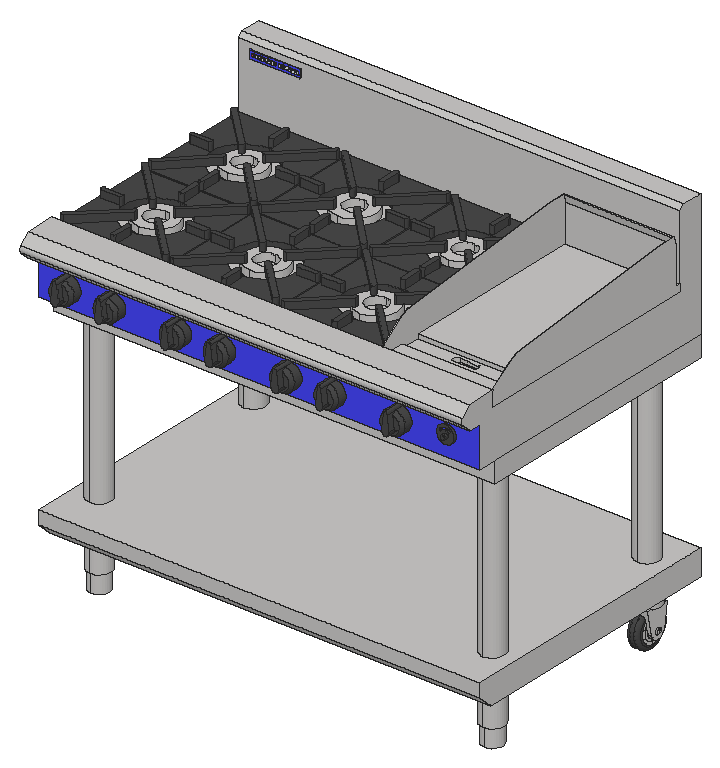
Revit family "QF_MOFFAT_BLUESEAL_CE_G518C-LS", category Specialty Equipment, Revit 2012
Parameters
  Width = 1200 mm
  Weight in Pounds = 347  # constant formula
  URL Cutsheet = "www.moffat.com"
  URL = "www.moffat.com"
  Type Mark [instance] = ""
  Status [instance] = ""
  Specification by User [instance] = ""
  Specification by Manufacturer = ""
  Show Logo [instance] = yes
  Show Casters [instance] = yes
  Serial Number = ""
  Seismic Rating = ""
  SMACNA No = ""
  Revision Code [instance] = ""
  Omniclass Number and Title = ""
  NAFEM Spec ID Number = ""
  Model = "G518C-LS"
  Mechanical Remarks = ""
  Mechanical Connection Type = ""
  Masterspec = ""
  Manufacturer = "MOFFAT BLUESEAL"
  Legs [instance] = not(Show Casters)  # no
  Item Number [instance] = ""
  Installed By [instance] = ""
  Identify Quantity as Lot [instance] = yes
  Gas Size = 3/4"
  Gas RI Height = 0 mm
  Gas KW = 48
  Gas Input = 165000.0 Btu/h
  Gas Connection Height = 0 mm
  Furnished By [instance] = ""
  Foodservice Equipment Identifier [instance] = yes
  Description = "1200MM GAS COOK TOP ON LEG STAND"
  Depth = 812 mm
  CSI MasterFormat = ""
  CSI Master Format = ""
  Base Height [instance] = 150 mm
Reference planes
  plane 1 "BACK": y = 0
  plane 2: z = 0
  plane 3 "LEFT": x = 0
  plane 4 "RIGHT": x = 1200
  plane 5 "FRONT": y = -812
  plane 6 "TOP": z = 970
  plane 7 "Center Y": x = 600
  plane 8 "Center X": y = -406
  plane 9 "Base Height": z = 150
  plane 10: z = 915
  plane 11: x = 1070
  plane 12: z = 1085
  plane 13: x = 65.354
  plane 14: y = -625
  plane 15: y = -100
  plane 16: z = 655
  plane 17: x = 1134.646
Forms (mm)
  Extrusion 1, solid, material "QF_Finishes_Stainless Steel"
    sketch origin (0, 0, 0) x (0, 1, 0) y (0, 0, 1)
      loop
        line (-749, 850) -> (-749, 740) -> (0, 740) -> (0, 1085) -> (-57.5, 1085) -> (-70, 1072.5) -> (-70, 875) -> (-705, 875) -> (-705, 915) -> (-783.97, 915) -> (-808.485, 890.485)
        arc (-808.485, 890.485) -> (-811.999, 882) -> (-808.485, 873.515) r 12
        line (-808.485, 873.515) -> (-784.97, 850) -> (-749, 850)
      loop
        line (0, 685) -> (0, 739.5) -> (-699, 739.5) -> (-699, 685) -> (0, 685)
      loop
        line (0, 222.5) -> (-749, 222.5) -> (-749, 186) -> (-713, 150) -> (0, 150) -> (0, 222.5)
    from 0 to 1200
  Revolve 2, solid, material "QF_Finishes_Black"
    sketch origin (90, 7, 600) x (0, 1, 0) y (0, 0, -1)
      loop
        line (-789, -229.5) -> (-766, -229.5) -> (-766, -202) -> (-756, -202) -> (-756, -197) -> (-800, -197) -> (-800, -223.651) -> (-789, -229.5)
      axis (-800, -197) -> (-756, -197)
    angle from 0 to 360
  Extrusion 3, solid, material "QF_Finishes_Black"
    sketch origin (90, -759, 797) x (0, 0, 1) y (1, 0, 0)
      loop
        arc (32.192, -4.965) -> (37.079, 0.034) -> (32.192, 5.033) r 5
        line (32.192, 5.033) -> (-10.726, 10.453)
        arc (-10.726, 10.453) -> (-22.392, 0.618) -> (-11.893, -10.454) r 10.487
        line (-11.893, -10.454) -> (32.192, -4.965)
    from 0 to -49
  Extrusion 4, solid, material "QF_Finishes_Stainless Steel"
    sketch origin (0, 0, 222.5) x (0, -1, 0) y (1, 0, 0)
      loop
        circle (100, 65) r 31.75
      loop
        circle (625, 65) r 31.75
      loop
        circle (100, 1135) r 31.75
      loop
        circle (625, 1135) r 31.75
    from 0 to 462.5
  Revolve 5, solid, material "QF_Finishes_Stainless Steel", visible <- "Legs"
    sketch origin (65.5, -166, 0) x (0, 1, 0) y (0, 0, 1)
      loop
        line (34.25, 150) -> (34.25, 50) -> (38.5, 50) -> (38.5, 0) -> (66, 0) -> (66, 150) -> (34.25, 150)
      axis (66, 150) -> (66, 0)
    angle from 0 to 360
  Revolve 6, solid, material "QF_Finishes_Stainless Steel"
    sketch origin (65.5, -735, 0) x (0, 1, 0) y (0, 0, 1)
      loop
        line (78.25, 150) -> (78.25, 50) -> (82.5, 50) -> (82.5, 0) -> (110, 0) -> (110, 150) -> (78.25, 150)
      axis (110, 150) -> (110, 0)
    angle from 0 to 360
  Revolve 7, solid, material "QF_Finishes_Stainless Steel", visible <- "Show Casters"
    sketch origin (16.276, -100.755, -12.8) x (1, 0, 0) y (0, 0, 1)
      loop
        line (14.841, 63.604) -> (83.584, 63.604) -> (83.584, 67.109) -> (82.314, 68.379) -> (80.79, 68.379) -> (80.79, 71.826) -> (68.644, 71.826) -> (68.644, 81.79) -> (65.088, 83.843) -> (63.738, 92.179) -> (65.881, 92.179) -> (65.881, 98.529) -> (65.088, 98.529) -> (65.088, 104.879)
        arc (65.088, 104.879) -> (62.298, 111.614) -> (55.563, 114.404) r 9.525
        line (55.563, 114.404) -> (42.863, 114.404)
        arc (42.863, 114.404) -> (36.127, 111.614) -> (33.338, 104.879) r 9.525
        line (33.338, 104.879) -> (33.338, 98.529) -> (32.544, 98.529) -> (32.544, 92.179) -> (34.687, 92.179) -> (33.352, 83.932) -> (29.782, 81.871) -> (29.782, 71.826) -> (17.635, 71.826) -> (17.635, 68.379) -> (16.111, 68.379) -> (14.841, 67.109) -> (14.841, 63.604)
      axis (14.841, 63.604) -> (83.584, 63.604)
    angle from 0 to 360
  Extrusion 8, solid, material "QF_Finishes_Stainless Steel", visible <- "Show Casters"
    sketch origin (72.001, 132.353, -8.783) x (0, 1, 0) y (0, 0, 1)
      loop
        line (-200.603, 118.783) -> (-264.103, 118.783) -> (-251.746, 53.895)
        arc (-251.746, 53.895) -> (-232.353, 38.783) -> (-212.959, 53.895) r 20
        line (-212.959, 53.895) -> (-200.603, 118.783)
    from -35.667 to 22.923
  Revolve 9, solid, material "QF_Finishes_Stainless Steel", visible <- "Show Casters"
    sketch origin (65.5, -204, 0) x (0, 1, 0) y (0, 0, 1)
      loop
        line (68.25, 150) -> (68.25, 110) -> (104, 110) -> (104, 150) -> (68.25, 150)
      axis (104, 150) -> (104, 110)
    angle from 0 to 360
  Revolve 10, solid, material "QF_Finishes_Stainless Steel", visible <- "Legs"
    sketch origin (65.5, -166, 0) x (0, 1, 0) y (0, 0, 1)
      loop
        line (34.25, 150) -> (34.25, 50) -> (38.5, 50) -> (38.5, 0) -> (66, 0) -> (66, 150) -> (34.25, 150)
      axis (66, 150) -> (66, 0)
    angle from 0 to 360
  Extrusion 11, solid, material "QF_Finishes_Stainless Steel"
    sketch origin (0, 0, 685) x (-1, 0, 0) y (0, 1, 0)
      loop
        circle (-1070, -32) r 6.35
    from 0 to 30
  Revolve 12, solid, material "QF_Finishes_Black"
    sketch origin (390, 7, 600) x (0, 1, 0) y (0, 0, -1)
      loop
        line (-789, -229.5) -> (-766, -229.5) -> (-766, -202) -> (-756, -202) -> (-756, -197) -> (-800, -197) -> (-800, -223.651) -> (-789, -229.5)
      axis (-800, -197) -> (-756, -197)
    angle from 0 to 360
  Extrusion 13, solid, material "QF_Finishes_Black"
    sketch origin (390, -759, 797) x (0, 0, 1) y (1, 0, 0)
      loop
        arc (32.192, -4.965) -> (37.079, 0.034) -> (32.192, 5.033) r 5
        line (32.192, 5.033) -> (-10.726, 10.453)
        arc (-10.726, 10.453) -> (-22.392, 0.618) -> (-11.893, -10.454) r 10.487
        line (-11.893, -10.454) -> (32.192, -4.965)
    from 0 to -49
  Revolve 14, solid, material "QF_Finishes_Black"
    sketch origin (690, 7, 600) x (0, 1, 0) y (0, 0, -1)
      loop
        line (-789, -229.5) -> (-766, -229.5) -> (-766, -202) -> (-756, -202) -> (-756, -197) -> (-800, -197) -> (-800, -223.651) -> (-789, -229.5)
      axis (-800, -197) -> (-756, -197)
    angle from 0 to 360
  Extrusion 15, solid, material "QF_Finishes_Black"
    sketch origin (690, -759, 797) x (0, 0, 1) y (1, 0, 0)
      loop
        arc (32.192, -4.965) -> (37.079, 0.034) -> (32.192, 5.033) r 5
        line (32.192, 5.033) -> (-10.726, 10.453)
        arc (-10.726, 10.453) -> (-22.392, 0.618) -> (-11.893, -10.454) r 10.487
        line (-11.893, -10.454) -> (32.192, -4.965)
    from 0 to -49
  Revolve 16, solid, material "QF_Finishes_Black"
    sketch origin (210, 7, 600) x (0, 1, 0) y (0, 0, -1)
      loop
        line (-789, -229.5) -> (-766, -229.5) -> (-766, -202) -> (-756, -202) -> (-756, -197) -> (-800, -197) -> (-800, -223.651) -> (-789, -229.5)
      axis (-800, -197) -> (-756, -197)
    angle from 0 to 360
  Extrusion 17, solid, material "QF_Finishes_Black"
    sketch origin (210, -759, 797) x (0, 0, 1) y (1, 0, 0)
      loop
        arc (32.192, -4.965) -> (37.079, 0.034) -> (32.192, 5.033) r 5
        line (32.192, 5.033) -> (-10.726, 10.453)
        arc (-10.726, 10.453) -> (-22.392, 0.618) -> (-11.893, -10.454) r 10.487
        line (-11.893, -10.454) -> (32.192, -4.965)
    from 0 to -49
  Revolve 18, solid, material "QF_Finishes_Stainless Steel", visible <- "Legs"
    sketch origin (1134.5, -166, 0) x (0, 1, 0) y (0, 0, -1)
      loop
        line (34.25, -150) -> (66, -150) -> (66, 0) -> (38.5, 0) -> (38.5, -50) -> (34.25, -50) -> (34.25, -150)
      axis (66, -150) -> (66, 0)
    angle from 0 to 360
  Revolve 19, solid, material "QF_Finishes_Stainless Steel"
    sketch origin (1134.5, -735, 0) x (0, 1, 0) y (0, 0, -1)
      loop
        line (78.25, -150) -> (110, -150) -> (110, 0) -> (82.5, 0) -> (82.5, -50) -> (78.25, -50) -> (78.25, -150)
      axis (110, -150) -> (110, 0)
    angle from 0 to 360
  Revolve 20, solid, material "QF_Finishes_Stainless Steel", visible <- "Show Casters"
    sketch origin (1183.724, -100.755, -12.8) x (-1, 0, 0) y (0, 0, -1)
      loop
        line (14.841, -63.604) -> (14.841, -67.109) -> (16.111, -68.379) -> (17.635, -68.379) -> (17.635, -71.826) -> (29.782, -71.826) -> (29.782, -81.871) -> (33.352, -83.932) -> (34.687, -92.179) -> (32.544, -92.179) -> (32.544, -98.529) -> (33.338, -98.529) -> (33.338, -104.879)
        arc (33.338, -104.879) -> (36.127, -111.614) -> (42.863, -114.404) r 9.525
        line (42.863, -114.404) -> (55.563, -114.404)
        arc (55.563, -114.404) -> (62.298, -111.614) -> (65.088, -104.879) r 9.525
        line (65.088, -104.879) -> (65.088, -98.529) -> (65.881, -98.529) -> (65.881, -92.179) -> (63.738, -92.179) -> (65.088, -83.843) -> (68.644, -81.79) -> (68.644, -71.826) -> (80.79, -71.826) -> (80.79, -68.379) -> (82.314, -68.379) -> (83.584, -67.109) -> (83.584, -63.604) -> (14.841, -63.604)
      axis (14.841, -63.604) -> (83.584, -63.604)
    angle from 0 to 360
  Extrusion 21, solid, material "QF_Finishes_Stainless Steel", visible <- "Show Casters"
    sketch origin (1127.999, 132.353, -8.783) x (0, 1, 0) y (0, 0, -1)
      loop
        line (-200.603, -118.783) -> (-212.959, -53.895)
        arc (-212.959, -53.895) -> (-232.353, -38.783) -> (-251.746, -53.895) r 20
        line (-251.746, -53.895) -> (-264.103, -118.783) -> (-200.603, -118.783)
    from -35.667 to 22.923
  Revolve 22, solid, material "QF_Finishes_Stainless Steel", visible <- "Show Casters"
    sketch origin (1134.5, -204, 0) x (0, 1, 0) y (0, 0, -1)
      loop
        line (68.25, -150) -> (104, -150) -> (104, -110) -> (68.25, -110) -> (68.25, -150)
      axis (104, -150) -> (104, -110)
    angle from 0 to 360
  Revolve 23, solid, material "QF_Finishes_Stainless Steel", visible <- "Legs"
    sketch origin (1134.5, -166, 0) x (0, 1, 0) y (0, 0, -1)
      loop
        line (34.25, -150) -> (66, -150) -> (66, 0) -> (38.5, 0) -> (38.5, -50) -> (34.25, -50) -> (34.25, -150)
      axis (66, -150) -> (66, 0)
    angle from 0 to 360
  Revolve 24, solid, material "QF_Finishes_Black"
    sketch origin (990, 7, 600) x (0, 1, 0) y (0, 0, -1)
      loop
        line (-789, -229.5) -> (-766, -229.5) -> (-766, -202) -> (-756, -202) -> (-756, -197) -> (-800, -197) -> (-800, -223.651) -> (-789, -229.5)
      axis (-800, -197) -> (-756, -197)
    angle from 0 to 360
  Extrusion 25, solid, material "QF_Finishes_Black"
    sketch origin (990, -759, 797) x (0, 0, 1) y (1, 0, 0)
      loop
        arc (32.192, -4.965) -> (37.079, 0.034) -> (32.192, 5.033) r 5
        line (32.192, 5.033) -> (-10.726, 10.453)
        arc (-10.726, 10.453) -> (-22.392, 0.618) -> (-11.893, -10.454) r 10.487
        line (-11.893, -10.454) -> (32.192, -4.965)
    from 0 to -49
  Revolve 26, solid, material "QF_Finishes_Black"
    sketch origin (510, 7, 600) x (0, 1, 0) y (0, 0, -1)
      loop
        line (-789, -229.5) -> (-766, -229.5) -> (-766, -202) -> (-756, -202) -> (-756, -197) -> (-800, -197) -> (-800, -223.651) -> (-789, -229.5)
      axis (-800, -197) -> (-756, -197)
    angle from 0 to 360
  Extrusion 27, solid, material "QF_Finishes_Black"
    sketch origin (510, -759, 797) x (0, 0, 1) y (1, 0, 0)
      loop
        arc (32.192, -4.965) -> (37.079, 0.034) -> (32.192, 5.033) r 5
        line (32.192, 5.033) -> (-10.726, 10.453)
        arc (-10.726, 10.453) -> (-22.392, 0.618) -> (-11.893, -10.454) r 10.487
        line (-11.893, -10.454) -> (32.192, -4.965)
    from 0 to -49
  Extrusion 28, solid, material "QF_Finishes_Black"
    sketch origin (0, -749, 850) x (0, 0, -1) y (1, 0, 0)
      loop
        circle (53, 1110) r 23.9
      loop
        arc (45.641, 1118.419) -> (46.501, 1123.219) -> (41.701, 1124.079) r 3.448
        arc (41.701, 1124.079) -> (35.116, 1109.341) -> (42.919, 1095.209) r 18.095
        arc (42.919, 1095.209) -> (47.641, 1096.491) -> (46.326, 1101.204) r 3.448
        arc (46.326, 1101.204) -> (42.758, 1109.683) -> (45.641, 1118.419) r 13.109
    from 0 to 5
  Extrusion 29, solid, material "QF_Finishes_Black"
    sketch origin (0, -754, 850) x (0, 0, -1) y (1, 0, 0)
      loop
        circle (56.5, 1110) r 5.75
    from 0 to 10
  Revolve 30, solid, material "QF_Finishes_Black"
    sketch origin (810, 7, 600) x (0, 1, 0) y (0, 0, -1)
      loop
        line (-789, -229.5) -> (-766, -229.5) -> (-766, -202) -> (-756, -202) -> (-756, -197) -> (-800, -197) -> (-800, -223.651) -> (-789, -229.5)
      axis (-800, -197) -> (-756, -197)
    angle from 0 to 360
  Extrusion 31, solid, material "QF_Finishes_Black"
    sketch origin (810, -759, 797) x (0, 0, 1) y (1, 0, 0)
      loop
        arc (32.192, -4.965) -> (37.079, 0.034) -> (32.192, 5.033) r 5
        line (32.192, 5.033) -> (-10.726, 10.453)
        arc (-10.726, 10.453) -> (-22.392, 0.618) -> (-11.893, -10.454) r 10.487
        line (-11.893, -10.454) -> (32.192, -4.965)
    from 0 to -49
Lines and regions (mm)
  Split face 1
    outline origin (0, -56.5, 1085) x (0, 1, 0) y (-1, 0, 0)
      loop
        line (11.115, -638.041) -> (11.115, -866)
        arc (11.115, -866) -> (16.115, -874.66) -> (26.115, -874.66) r 10
        line (26.115, -874.66) -> (33.115, -870.619)
        arc (33.115, -870.619) -> (36.775, -866.959) -> (38.115, -861.959) r 10
        line (38.115, -861.959) -> (38.115, -634)
        arc (38.115, -634) -> (33.115, -625.34) -> (23.115, -625.34) r 10
        line (23.115, -625.34) -> (16.115, -629.381)
        arc (16.115, -629.381) -> (12.455, -633.041) -> (11.115, -638.041) r 10
  Split face 2
    outline origin (0, -56.5, 1085) x (0, 1, 0) y (-1, 0, 0)
      loop
        line (38.115, -1151.959) -> (38.115, -924)
        arc (38.115, -924) -> (33.115, -915.34) -> (23.115, -915.34) r 10
        line (23.115, -915.34) -> (16.115, -919.381)
        arc (16.115, -919.381) -> (12.455, -923.041) -> (11.115, -928.041) r 10
        line (11.115, -928.041) -> (11.115, -1156)
        arc (11.115, -1156) -> (16.115, -1164.66) -> (26.115, -1164.66) r 10
        line (26.115, -1164.66) -> (33.115, -1160.619)
        arc (33.115, -1160.619) -> (36.775, -1156.959) -> (38.115, -1151.959) r 10
  Split face 3
    outline origin (0, -56.5, 1085) x (0, 1, 0) y (-1, 0, 0)
      loop
        line (11.115, -48.041) -> (11.115, -276)
        arc (11.115, -276) -> (16.115, -284.66) -> (26.115, -284.66) r 10
        line (26.115, -284.66) -> (33.115, -280.619)
        arc (33.115, -280.619) -> (36.775, -276.959) -> (38.115, -271.959) r 10
        line (38.115, -271.959) -> (38.115, -44)
        arc (38.115, -44) -> (33.115, -35.34) -> (23.115, -35.34) r 10
        line (23.115, -35.34) -> (16.115, -39.381)
        arc (16.115, -39.381) -> (12.455, -43.041) -> (11.115, -48.041) r 10
  Split face 4
    outline origin (0, -56.5, 1085) x (0, 1, 0) y (-1, 0, 0)
      loop
        arc (38.115, -344) -> (33.115, -335.34) -> (23.115, -335.34) r 10
        line (23.115, -335.34) -> (16.115, -339.381)
        arc (16.115, -339.381) -> (12.455, -343.041) -> (11.115, -348.041) r 10
        line (11.115, -348.041) -> (11.115, -576)
        arc (11.115, -576) -> (16.115, -584.66) -> (26.115, -584.66) r 10
        line (26.115, -584.66) -> (33.115, -580.619)
        arc (33.115, -580.619) -> (36.775, -576.959) -> (38.115, -571.959) r 10
        line (38.115, -571.959) -> (38.115, -344)
  symbolic lines, style "SpecialityEquipmentHiddenLines", visible <- "Show Casters"
    curve 1: line (78.456, -46.735, 0) -> (105.952, -62.61, 0)
    curve 2: line (27.656, -134.723, 0) -> (78.456, -46.735, 0)
    curve 3: line (55.152, -150.598, 0) -> (27.656, -134.723, 0)
    curve 4: line (105.952, -62.61, 0) -> (55.152, -150.598, 0)
    curve 5: line (1148.456, -46.735, 0) -> (1175.952, -62.61, 0)
    curve 6: line (1097.656, -134.723, 0) -> (1148.456, -46.735, 0)
    curve 7: line (1125.152, -150.598, 0) -> (1097.656, -134.723, 0)
    curve 8: line (1175.952, -62.61, 0) -> (1125.152, -150.598, 0)
  symbolic lines
    curve 9: line (0, -783.97, 0) -> (1200, -783.97, 0)
    curve 10: line (0, 0, 0) -> (0, -811.999, 0)
    curve 11: line (1200, -811.999, 0) -> (1200, 0, 0)
    curve 12: line (1200, -811.999, 0) -> (0, -811.999, 0)
    curve 13: line (0, -70, 0) -> (1200, -70, 0)
    curve 14: line (0, -57.5, 0) -> (1200, -57.5, 0)
    curve 15: line (1200, 0, 0) -> (0, 0, 0)
    curve 16: line (271.959, -18.385, 0) -> (44, -18.385, 0)
    curve 17: arc (44, -18.385, 0) -> (35.34, -23.385, 0) -> (35.34, -33.385, 0) r 10
    curve 18: line (35.34, -33.385, 0) -> (39.381, -40.385, 0)
    curve 19: arc (39.381, -40.385, 0) -> (43.041, -44.045, 0) -> (48.041, -45.385, 0) r 10
    curve 20: line (48.041, -45.385, 0) -> (276, -45.385, 0)
    curve 21: arc (276, -45.385, 0) -> (284.66, -40.385, 0) -> (284.66, -30.385, 0) r 10
    curve 22: line (284.66, -30.385, 0) -> (280.619, -23.385, 0)
    curve 23: arc (280.619, -23.385, 0) -> (276.959, -19.725, 0) -> (271.959, -18.385, 0) r 10
    curve 24: line (0, -705, 0) -> (1200, -705, 0)
    curve 25: line (571.959, -18.385, 0) -> (344, -18.385, 0)
    curve 26: arc (344, -18.385, 0) -> (335.34, -23.385, 0) -> (335.34, -33.385, 0) r 10
    curve 27: line (335.34, -33.385, 0) -> (339.381, -40.385, 0)
    curve 28: arc (339.381, -40.385, 0) -> (343.041, -44.045, 0) -> (348.041, -45.385, 0) r 10
    curve 29: line (348.041, -45.385, 0) -> (576, -45.385, 0)
    curve 30: arc (576, -45.385, 0) -> (584.66, -40.385, 0) -> (584.66, -30.385, 0) r 10
    curve 31: line (584.66, -30.385, 0) -> (580.619, -23.385, 0)
    curve 32: arc (580.619, -23.385, 0) -> (576.959, -19.725, 0) -> (571.959, -18.385, 0) r 10
    curve 33: line (861.959, -18.385, 0) -> (634, -18.385, 0)
    curve 34: arc (634, -18.385, 0) -> (625.34, -23.385, 0) -> (625.34, -33.385, 0) r 10
    curve 35: line (625.34, -33.385, 0) -> (629.381, -40.385, 0)
    curve 36: arc (629.381, -40.385, 0) -> (633.041, -44.045, 0) -> (638.041, -45.385, 0) r 10
    curve 37: line (638.041, -45.385, 0) -> (866, -45.385, 0)
    curve 38: arc (866, -45.385, 0) -> (874.66, -40.385, 0) -> (874.66, -30.385, 0) r 10
    curve 39: line (874.66, -30.385, 0) -> (870.619, -23.385, 0)
    curve 40: arc (870.619, -23.385, 0) -> (866.959, -19.725, 0) -> (861.959, -18.385, 0) r 10
    curve 41: line (924, -18.385, 0) -> (1151.959, -18.385, 0)
    curve 42: arc (1151.959, -18.385, 0) -> (1156.959, -19.725, 0) -> (1160.619, -23.385, 0) r 10
    curve 43: line (1160.619, -23.385, 0) -> (1164.66, -30.385, 0)
    curve 44: arc (1164.66, -30.385, 0) -> (1164.66, -40.385, 0) -> (1156, -45.385, 0) r 10
    curve 45: line (1156, -45.385, 0) -> (928.041, -45.385, 0)
    curve 46: arc (928.041, -45.385, 0) -> (923.041, -44.045, 0) -> (919.381, -40.385, 0) r 10
    curve 47: line (919.381, -40.385, 0) -> (915.34, -33.385, 0)
    curve 48: arc (915.34, -33.385, 0) -> (915.34, -23.385, 0) -> (924, -18.385, 0) r 10
Dimensions and locks
  equal spacing: plane 3 "LEFT", plane 7 "Center Y", plane 4 "RIGHT"
  "Width": plane 3 "LEFT" to plane 4 "RIGHT"
  equal spacing: plane 5 "FRONT", plane 8 "Center X", plane 1 "BACK"
  "Depth": plane 5 "FRONT" to plane 1 "BACK"
  equal spacing: plane 4 "RIGHT", plane 7 "Center Y", plane 3 "LEFT"
  plane 4 "RIGHT" to plane 3 "LEFT" = 1200 mm
  plane 5 "FRONT" to plane 1 "BACK" = 812 mm
  "Base Height": plane 9 "Base Height" to level
  plane 6 "TOP" to level = 970 mm
  plane 10 to level = 915 mm
  plane 11 to plane 4 "RIGHT" = 130 mm
  plane 12 to plane 2 = 1085 mm
  Revolve 7 sketch curve to Revolve 7 sketch curve = 50.8 mm
  plane 15 to plane 14 = 525 mm
  plane 16 to plane 2 = 655 mm
  Extrusion 11 sketch curve to plane 1 "BACK" = 32 mm
  Revolve 20 sketch curve to Revolve 20 sketch curve = 50.8 mm
  aligned and locked: level to plane 2
Automatic sketch dimensions
  curve 10 to plane 3 "LEFT" = 0 mm
  curve 24 to plane 4 "RIGHT" = 0 mm
  plane 1 "BACK" to curve 15 = 0 mm
  plane 3 "LEFT" to curve 3 = 27.656 mm
  plane 13 to curve 18 = 30.014 mm
  curve 17 to curve 19 = 4.041 mm
  curve 17 to curve 17 = 8.66 mm
  curve 18 to curve 20 = 8.66 mm
  plane 13 to curve 3 = 10.202 mm
  curve 1 to plane 13 = 13.102 mm
  plane 1 "BACK" to curve 16 = 18.385 mm
  curve 1 to curve 16 = 166.007 mm
  curve 23 to curve 21 = 4.041 mm
  curve 23 to curve 23 = 8.66 mm
  plane 1 "BACK" to curve 22 = 30.385 mm
  curve 23 to curve 22 = 4.041 mm
  curve 22 to curve 26 = 50.679 mm
  plane 1 "BACK" to curve 27 = 40.385 mm
  curve 27 to curve 27 = 4.041 mm
  curve 26 to curve 26 = 8.66 mm
  curve 26 to curve 28 = 4.041 mm
  curve 32 to plane 7 "Center Y" = 28.041 mm
  curve 32 to curve 29 = 4.041 mm
  curve 32 to curve 31 = 8.66 mm
  curve 32 to curve 30 = 4.041 mm
  plane 7 "Center Y" to curve 35 = 25.34 mm
  curve 35 to curve 35 = 4.041 mm
  curve 34 to curve 34 = 8.66 mm
  curve 35 to curve 37 = 8.66 mm
  plane 1 "BACK" to curve 33 = 18.385 mm
  curve 33 to plane 11 = 208.041 mm
  curve 40 to curve 37 = 4.041 mm
  plane 1 "BACK" to curve 39 = 23.385 mm
  curve 33 to curve 39 = 8.66 mm
  plane 1 "BACK" to curve 39 = 30.385 mm
  curve 39 to curve 39 = 4.041 mm
  curve 38 to curve 48 = 40.679 mm
  plane 1 "BACK" to curve 47 = 40.385 mm
  curve 47 to curve 47 = 4.041 mm
  curve 48 to curve 48 = 8.66 mm
  curve 47 to curve 46 = 8.66 mm
  plane 11 to curve 6 = 27.656 mm
  curve 7 to plane 17 = 9.494 mm
  plane 17 to curve 6 = 13.809 mm
  plane 17 to curve 41 = 17.312 mm
  curve 42 to curve 44 = 4.041 mm
  curve 42 to curve 43 = 8.66 mm
  curve 42 to curve 43 = 4.041 mm
  curve 19 to curve 16 = 22 mm
  plane 1 "BACK" to curve 30 = 45.385 mm
  curve 21 to curve 21 = 15 mm
  plane 1 "BACK" to curve 44 = 45.385 mm
  curve 38 to curve 39 = 15 mm
  curve 2 to curve 19 = 1.35 mm
  curve 5 to curve 45 = 1.35 mm
  curve 14 to plane 15 = 42.5 mm
  curve 8 to curve 14 = 5.11 mm
  curve 4 to curve 1 = 15.875 mm
  curve 13 to curve 14 = 12.5 mm
  plane 14 to curve 24 = 80 mm
  curve 9 to plane 5 "FRONT" = 28.03 mm
  curve 10 to plane 5 "FRONT" = 0.001 mm
  curve 37 to curve 35 = 5 mm
  curve 45 to curve 44 = 10 mm
  curve 29 to curve 30 = 10 mm
  curve 18 to curve 17 = 7 mm
  curve 46 to curve 47 = 7 mm
  curve 28 to curve 26 = 7 mm  (x2)
  curve 36 to curve 35 = 7 mm
  curve 46 to curve 48 = 7 mm
  curve 44 to curve 42 = 7 mm
  curve 30 to curve 32 = 7 mm
  curve 21 to curve 23 = 7 mm
  plane 10 to Extrusion 1 sketch curve = 0 mm
  Extrusion 1 sketch curve to plane 9 "Base Height" = 0 mm
  plane 12 to Extrusion 1 sketch curve = 0 mm
  Extrusion 1 sketch curve to plane 1 "BACK" = 0 mm  (x3)
  Extrusion 1 sketch curve to plane 15 = 42.5 mm
  plane 12 to Extrusion 1 sketch curve = 12.5 mm
  Extrusion 1 sketch curve to Extrusion 1 sketch curve = 12.5 mm
  plane 16 to Extrusion 1 sketch curve = 30 mm
  plane 14 to Extrusion 1 sketch curve = 74 mm
  plane 14 to Extrusion 1 sketch curve = 80 mm
  plane 14 to Extrusion 1 sketch curve = 88 mm
  Extrusion 1 sketch curve to Extrusion 1 sketch curve = 44 mm
  Extrusion 1 sketch curve to Extrusion 1 sketch curve = 36 mm
  Extrusion 1 sketch curve to plane 5 "FRONT" = 28.03 mm
  Extrusion 1 sketch curve to plane 5 "FRONT" = 27.03 mm
  Extrusion 1 sketch curve to plane 5 "FRONT" = 12.001 mm
  Extrusion 1 sketch curve to plane 5 "FRONT" = 3.515 mm  (x2)
  plane 9 "Base Height" to Extrusion 1 sketch curve = 36 mm
  plane 9 "Base Height" to Extrusion 1 sketch curve = 72.5 mm
  Extrusion 1 sketch curve to Extrusion 1 sketch curve = 54.5 mm
  Extrusion 1 sketch curve to Extrusion 1 sketch curve = 0.5 mm
  plane 10 to Extrusion 1 sketch curve = 65 mm
  Extrusion 1 sketch curve to Extrusion 1 sketch curve = 23.515 mm
  plane 10 to Extrusion 1 sketch curve = 40 mm
  Extrusion 1 sketch curve to Extrusion 1 sketch curve = 8.485 mm
  Revolve 2 sketch curve to plane 5 "FRONT" = 19 mm
  Revolve 2 sketch curve to Revolve 2 sketch curve = 0 mm  (x2)
  Revolve 2 sketch curve to Revolve 2 sketch curve = 11 mm
  Revolve 2 sketch curve to Revolve 2 sketch curve = 12.7 mm
  Revolve 2 sketch curve to Revolve 2 sketch curve = 23 mm
  Revolve 2 sketch curve to Revolve 2 sketch curve = 10 mm
  plane 10 to Revolve 2 sketch curve = 85.5 mm
  Revolve 2 sketch curve to Revolve 2 sketch curve = 5.849 mm
  Revolve 2 sketch curve to Revolve 2 sketch curve = 27.5 mm
  Revolve 2 sketch curve to Revolve 2 sketch curve = 5 mm
  Extrusion 3 sketch curve to Revolve 2 = 0.034 mm  (x2)
  Revolve 2 to Extrusion 3 sketch curve = 10.454 mm
  Extrusion 3 sketch curve to Extrusion 3 sketch curve = 0.028 mm
  Extrusion 3 sketch curve to Revolve 2 = 10.453 mm
  Extrusion 3 sketch curve to Extrusion 3 sketch curve = 44 mm
  Extrusion 3 sketch curve to Revolve 2 = 5.033 mm
  Extrusion 3 sketch curve to Extrusion 3 sketch curve = 0.113 mm
  Revolve 2 to Extrusion 3 sketch curve = 4.965 mm
  Extrusion 4 sketch curve to Extrusion 4 sketch curve = 0 mm  (x8)
  Extrusion 1 to Extrusion 4 sketch curve = 68.25 mm  (x2)
  Extrusion 4 sketch curve to Extrusion 4 sketch curve = 31.75 mm  (x4)
  Extrusion 4 sketch curve to Extrusion 1 = 155.75 mm  (x2)
  Extrusion 1 to Extrusion 4 sketch curve = 65 mm  (x4)
  Revolve 5 sketch curve to plane 9 "Base Height" = 0 mm
  Revolve 5 sketch curve to level = 0 mm
  Revolve 5 sketch curve to plane 15 = 0 mm  (x2)
  plane 15 to Revolve 5 sketch curve = 27.5 mm
  plane 15 to Revolve 5 sketch curve = 31.75 mm
  Revolve 5 sketch curve to Revolve 5 sketch curve = 55 mm
  level to Revolve 5 sketch curve = 50 mm
  Revolve 5 sketch curve to Revolve 5 sketch curve = 0 mm
  Revolve 6 sketch curve to plane 9 "Base Height" = 0 mm
  Revolve 6 sketch curve to level = 0 mm
  Revolve 6 sketch curve to plane 14 = 0 mm  (x2)
  Revolve 6 sketch curve to Revolve 6 sketch curve = 27.5 mm
  Revolve 6 sketch curve to Revolve 6 sketch curve = 31.75 mm
  Revolve 6 sketch curve to Revolve 6 sketch curve = 55 mm
  level to Revolve 6 sketch curve = 50 mm
  Revolve 6 sketch curve to Revolve 6 sketch curve = 0 mm
  plane 3 "LEFT" to Revolve 7 sketch curve = 31.118 mm
  Revolve 7 sketch curve to Revolve 7 sketch curve = 1.27 mm  (x4)
  Revolve 7 sketch curve to Revolve 7 sketch curve = 1.524 mm  (x2)
  Revolve 7 sketch curve to Revolve 7 sketch curve = 12.146 mm  (x2)
  plane 13 to Revolve 7 sketch curve = 16.533 mm
  Revolve 7 sketch curve to Revolve 7 sketch curve = 0.794 mm  (x2)
  Revolve 7 sketch curve to Revolve 7 sketch curve = 3.57 mm
  Revolve 7 sketch curve to Revolve 7 sketch curve = 2.143 mm
  plane 13 to Revolve 7 sketch curve = 6.215 mm
  Revolve 7 sketch curve to plane 13 = 5.276 mm
  Revolve 7 sketch curve to plane 13 = 6.485 mm
  Revolve 7 sketch curve to plane 13 = 14.661 mm
  Revolve 7 sketch curve to Revolve 7 sketch curve = 1.349 mm  (x2)
  Revolve 7 sketch curve to Revolve 7 sketch curve = 3.556 mm
  Revolve 7 sketch curve to Revolve 7 sketch curve = 33.32 mm
  level to Revolve 7 sketch curve = 50.804 mm
  Revolve 7 sketch curve to Revolve 7 sketch curve = 0 mm
  Revolve 7 sketch curve to Revolve 7 sketch curve = 3.505 mm  (x2)
  Revolve 7 sketch curve to Revolve 7 sketch curve = 3.447 mm  (x2)
  Revolve 7 sketch curve to Revolve 7 sketch curve = 9.964 mm
  Revolve 7 sketch curve to Revolve 7 sketch curve = 10.045 mm
  Revolve 7 sketch curve to Revolve 7 sketch curve = 2.053 mm
  Revolve 7 sketch curve to Revolve 7 sketch curve = 2.061 mm
  Revolve 7 sketch curve to Revolve 7 sketch curve = 8.247 mm
  Revolve 7 sketch curve to Revolve 7 sketch curve = 8.336 mm
  Revolve 7 sketch curve to Revolve 7 sketch curve = 6.35 mm  (x2)
  Extrusion 8 sketch curve to plane 15 = 0 mm
  plane 15 to Extrusion 8 sketch curve = 19.393 mm
  plane 15 to Extrusion 8 sketch curve = 31.75 mm
  Extrusion 8 sketch curve to plane 15 = 19.393 mm
  Extrusion 8 sketch curve to plane 15 = 31.75 mm
  level to Extrusion 8 sketch curve = 45.111 mm
  Extrusion 8 sketch curve to Extrusion 8 sketch curve = 4.889 mm
  Extrusion 8 sketch curve to plane 9 "Base Height" = 40 mm
  Revolve 9 sketch curve to plane 9 "Base Height" = 0 mm
  Revolve 9 sketch curve to plane 15 = 0 mm  (x2)
  plane 15 to Revolve 9 sketch curve = 35.75 mm
  Revolve 9 sketch curve to Revolve 9 sketch curve = 40 mm
  level to Revolve 9 sketch curve = 50 mm
  Revolve 9 sketch curve to level = 55 mm
  Revolve 10 sketch curve to plane 9 "Base Height" = 0 mm
  Revolve 10 sketch curve to level = 0 mm
  Revolve 10 sketch curve to plane 15 = 0 mm  (x2)
  plane 15 to Revolve 10 sketch curve = 27.5 mm
  plane 15 to Revolve 10 sketch curve = 31.75 mm
  Revolve 10 sketch curve to Revolve 10 sketch curve = 55 mm
  level to Revolve 10 sketch curve = 50 mm
  Revolve 10 sketch curve to Revolve 10 sketch curve = 0 mm
  Extrusion 11 sketch curve to Extrusion 11 sketch curve = 0 mm
  Extrusion 11 sketch curve to Extrusion 1 = 38.35 mm
  Extrusion 11 sketch curve to Extrusion 1 = 130 mm
  Split face 1 sketch curve to Extrusion 1 = 12.115 mm
  Split face 1 sketch curve to Split face 1 sketch curve = 5 mm  (x3)
  Split face 1 sketch curve to Split face 1 sketch curve = 10 mm  (x2)
  Split face 1 sketch curve to Split face 1 sketch curve = 7 mm  (x4)
  Split face 1 sketch curve to Extrusion 1 = 325.34 mm
  Split face 1 sketch curve to Split face 1 sketch curve = 4.041 mm  (x2)
  Split face 1 sketch curve to Split face 1 sketch curve = 223.917 mm
  Split face 2 sketch curve to Extrusion 1 = 12.115 mm
  Split face 2 sketch curve to Split face 2 sketch curve = 5 mm  (x3)
  Split face 2 sketch curve to Split face 2 sketch curve = 10 mm  (x2)
  Split face 2 sketch curve to Split face 2 sketch curve = 7 mm  (x4)
  Split face 2 sketch curve to Extrusion 1 = 35.34 mm
  Split face 2 sketch curve to Split face 2 sketch curve = 4.041 mm  (x2)
  Split face 2 sketch curve to Split face 2 sketch curve = 223.917 mm
  Split face 3 sketch curve to Extrusion 1 = 12.115 mm
  Split face 3 sketch curve to Split face 3 sketch curve = 5 mm  (x3)
  Split face 3 sketch curve to Split face 3 sketch curve = 10 mm  (x2)
  Split face 3 sketch curve to Split face 3 sketch curve = 7 mm  (x4)
  Split face 3 sketch curve to Extrusion 1 = 284.66 mm
  Split face 3 sketch curve to Split face 3 sketch curve = 4.041 mm  (x2)
  Split face 3 sketch curve to Extrusion 1 = 48.041 mm
  Revolve 12 sketch curve to plane 5 "FRONT" = 19 mm
  Revolve 12 sketch curve to Revolve 12 sketch curve = 0 mm  (x2)
  Revolve 12 sketch curve to Revolve 12 sketch curve = 11 mm
  Revolve 12 sketch curve to Revolve 12 sketch curve = 12.7 mm
  Revolve 12 sketch curve to Revolve 12 sketch curve = 23 mm
  Revolve 12 sketch curve to Revolve 12 sketch curve = 10 mm
  plane 10 to Revolve 12 sketch curve = 85.5 mm
  Revolve 12 sketch curve to Revolve 12 sketch curve = 5.849 mm
  Revolve 12 sketch curve to Revolve 12 sketch curve = 27.5 mm
  Revolve 12 sketch curve to Revolve 12 sketch curve = 5 mm
  Extrusion 13 sketch curve to Revolve 12 = 0.034 mm  (x2)
  Revolve 12 to Extrusion 13 sketch curve = 10.454 mm
  Extrusion 13 sketch curve to Extrusion 13 sketch curve = 0.028 mm
  Extrusion 13 sketch curve to Revolve 12 = 10.453 mm
  Extrusion 13 sketch curve to Extrusion 13 sketch curve = 44 mm
  Extrusion 13 sketch curve to Revolve 12 = 5.033 mm
  Extrusion 13 sketch curve to Extrusion 13 sketch curve = 0.113 mm
  Revolve 12 to Extrusion 13 sketch curve = 4.965 mm
  Revolve 14 sketch curve to plane 5 "FRONT" = 19 mm
  Revolve 14 sketch curve to Revolve 14 sketch curve = 0 mm  (x2)
  Revolve 14 sketch curve to Revolve 14 sketch curve = 11 mm
  Revolve 14 sketch curve to Revolve 14 sketch curve = 12.7 mm
  Revolve 14 sketch curve to Revolve 14 sketch curve = 23 mm
  Revolve 14 sketch curve to Revolve 14 sketch curve = 10 mm
  plane 10 to Revolve 14 sketch curve = 85.5 mm
  Revolve 14 sketch curve to Revolve 14 sketch curve = 5.849 mm
  Revolve 14 sketch curve to Revolve 14 sketch curve = 27.5 mm
  Revolve 14 sketch curve to Revolve 14 sketch curve = 5 mm
  Extrusion 15 sketch curve to Revolve 14 = 0.034 mm  (x2)
  Revolve 14 to Extrusion 15 sketch curve = 10.454 mm
  Extrusion 15 sketch curve to Extrusion 15 sketch curve = 0.028 mm
  Extrusion 15 sketch curve to Revolve 14 = 10.453 mm
  Extrusion 15 sketch curve to Extrusion 15 sketch curve = 44 mm
  Extrusion 15 sketch curve to Revolve 14 = 5.033 mm
  Extrusion 15 sketch curve to Extrusion 15 sketch curve = 0.113 mm
  Revolve 14 to Extrusion 15 sketch curve = 4.965 mm
  Revolve 16 sketch curve to plane 5 "FRONT" = 19 mm
  Revolve 16 sketch curve to Revolve 16 sketch curve = 0 mm  (x2)
  Revolve 16 sketch curve to Revolve 16 sketch curve = 11 mm
  Revolve 16 sketch curve to Revolve 16 sketch curve = 12.7 mm
  Revolve 16 sketch curve to Revolve 16 sketch curve = 23 mm
  Revolve 16 sketch curve to Revolve 16 sketch curve = 10 mm
  plane 10 to Revolve 16 sketch curve = 85.5 mm
  Revolve 16 sketch curve to Revolve 16 sketch curve = 5.849 mm
  Revolve 16 sketch curve to Revolve 16 sketch curve = 27.5 mm
  Revolve 16 sketch curve to Revolve 16 sketch curve = 5 mm
  Extrusion 17 sketch curve to Revolve 16 = 0.034 mm  (x2)
  Revolve 16 to Extrusion 17 sketch curve = 10.454 mm
  Extrusion 17 sketch curve to Extrusion 17 sketch curve = 0.028 mm
  Extrusion 17 sketch curve to Revolve 16 = 10.453 mm
  Extrusion 17 sketch curve to Extrusion 17 sketch curve = 44 mm
  Extrusion 17 sketch curve to Revolve 16 = 5.033 mm
  Extrusion 17 sketch curve to Extrusion 17 sketch curve = 0.113 mm
  Revolve 16 to Extrusion 17 sketch curve = 4.965 mm
  Revolve 18 sketch curve to plane 9 "Base Height" = 0 mm
  Revolve 18 sketch curve to level = 0 mm
  Revolve 18 sketch curve to plane 15 = 0 mm  (x2)
  plane 15 to Revolve 18 sketch curve = 27.5 mm
  plane 15 to Revolve 18 sketch curve = 31.75 mm
  level to Revolve 18 sketch curve = 50 mm
  Revolve 18 sketch curve to Revolve 18 sketch curve = 0 mm
  Revolve 18 sketch curve to Revolve 18 sketch curve = 55 mm
  Revolve 19 sketch curve to plane 9 "Base Height" = 0 mm
  Revolve 19 sketch curve to level = 0 mm
  Revolve 19 sketch curve to plane 14 = 0 mm  (x2)
  Revolve 19 sketch curve to Revolve 19 sketch curve = 27.5 mm
  Revolve 19 sketch curve to Revolve 19 sketch curve = 31.75 mm
  level to Revolve 19 sketch curve = 50 mm
  Revolve 19 sketch curve to Revolve 19 sketch curve = 0 mm
  Revolve 19 sketch curve to Revolve 19 sketch curve = 55 mm
  plane 4 "RIGHT" to Revolve 20 sketch curve = 31.118 mm
  Revolve 20 sketch curve to Revolve 20 sketch curve = 1.27 mm  (x4)
  Revolve 20 sketch curve to Revolve 20 sketch curve = 1.524 mm  (x2)
  Revolve 20 sketch curve to Revolve 20 sketch curve = 12.146 mm  (x2)
  plane 17 to Revolve 20 sketch curve = 16.533 mm
  Revolve 20 sketch curve to Revolve 20 sketch curve = 0.794 mm  (x2)
  Revolve 20 sketch curve to Revolve 20 sketch curve = 3.57 mm
  Revolve 20 sketch curve to Revolve 20 sketch curve = 2.143 mm
  plane 17 to Revolve 20 sketch curve = 6.215 mm
  Revolve 20 sketch curve to plane 17 = 5.276 mm
  Revolve 20 sketch curve to plane 17 = 6.485 mm
  Revolve 20 sketch curve to plane 17 = 14.661 mm
  Revolve 20 sketch curve to Revolve 20 sketch curve = 1.349 mm  (x2)
  Revolve 20 sketch curve to Revolve 20 sketch curve = 3.556 mm
  Revolve 20 sketch curve to plane 11 = 3.18 mm
  Revolve 20 sketch curve to plane 9 "Base Height" = 48.396 mm
  Revolve 20 sketch curve to Revolve 20 sketch curve = 6.35 mm  (x4)
  Revolve 20 sketch curve to Revolve 20 sketch curve = 8.247 mm
  Revolve 20 sketch curve to Revolve 20 sketch curve = 8.336 mm
  Revolve 20 sketch curve to Revolve 20 sketch curve = 2.061 mm
  Revolve 20 sketch curve to Revolve 20 sketch curve = 2.053 mm
  Revolve 20 sketch curve to Revolve 20 sketch curve = 10.045 mm
  Revolve 20 sketch curve to Revolve 20 sketch curve = 9.964 mm
  Revolve 20 sketch curve to Revolve 20 sketch curve = 3.447 mm  (x2)
  Revolve 20 sketch curve to Revolve 20 sketch curve = 3.505 mm
  Extrusion 21 sketch curve to plane 15 = 0 mm
  plane 15 to Extrusion 21 sketch curve = 19.393 mm
  plane 15 to Extrusion 21 sketch curve = 31.75 mm
  Extrusion 21 sketch curve to plane 15 = 19.393 mm
  Extrusion 21 sketch curve to plane 15 = 31.75 mm
  Extrusion 21 sketch curve to plane 9 "Base Height" = 40 mm
  level to Extrusion 21 sketch curve = 50 mm
  Extrusion 21 sketch curve to Extrusion 21 sketch curve = 4.889 mm
  Revolve 22 sketch curve to plane 9 "Base Height" = 0 mm
  Revolve 22 sketch curve to plane 15 = 0 mm  (x2)
  plane 15 to Revolve 22 sketch curve = 35.75 mm
  Revolve 22 sketch curve to Revolve 22 sketch curve = 40 mm
  level to Revolve 22 sketch curve = 50 mm
  Revolve 22 sketch curve to level = 55 mm
  Revolve 23 sketch curve to plane 9 "Base Height" = 0 mm
  Revolve 23 sketch curve to level = 0 mm
  Revolve 23 sketch curve to plane 15 = 0 mm  (x2)
  plane 15 to Revolve 23 sketch curve = 27.5 mm
  plane 15 to Revolve 23 sketch curve = 31.75 mm
  level to Revolve 23 sketch curve = 50 mm
  Revolve 23 sketch curve to Revolve 23 sketch curve = 0 mm
  Revolve 23 sketch curve to Revolve 23 sketch curve = 55 mm
  Split face 4 sketch curve to Extrusion 1 = 12.115 mm
  Split face 4 sketch curve to Split face 4 sketch curve = 5 mm  (x4)
  Split face 4 sketch curve to Split face 4 sketch curve = 10 mm
  Split face 4 sketch curve to Split face 4 sketch curve = 7 mm  (x4)
  Split face 4 sketch curve to Extrusion 1 = 584.66 mm
  Split face 4 sketch curve to Split face 4 sketch curve = 4.041 mm  (x2)
  Split face 4 sketch curve to Split face 4 sketch curve = 223.917 mm
  Revolve 24 sketch curve to plane 5 "FRONT" = 19 mm
  Revolve 24 sketch curve to Revolve 24 sketch curve = 0 mm  (x2)
  Revolve 24 sketch curve to Revolve 24 sketch curve = 11 mm
  Revolve 24 sketch curve to Revolve 24 sketch curve = 12.7 mm
  Revolve 24 sketch curve to Revolve 24 sketch curve = 23 mm
  Revolve 24 sketch curve to Revolve 24 sketch curve = 10 mm
  plane 10 to Revolve 24 sketch curve = 85.5 mm
  Revolve 24 sketch curve to Revolve 24 sketch curve = 5.849 mm
  Revolve 24 sketch curve to Revolve 24 sketch curve = 27.5 mm
  Revolve 24 sketch curve to Revolve 24 sketch curve = 5 mm
  Extrusion 25 sketch curve to Revolve 24 = 0.034 mm  (x2)
  Revolve 24 to Extrusion 25 sketch curve = 10.454 mm
  Extrusion 25 sketch curve to Extrusion 25 sketch curve = 0.028 mm
  Extrusion 25 sketch curve to Revolve 24 = 10.453 mm
  Extrusion 25 sketch curve to Extrusion 25 sketch curve = 44 mm
  Extrusion 25 sketch curve to Revolve 24 = 5.033 mm
  Extrusion 25 sketch curve to Extrusion 25 sketch curve = 0.113 mm
  Revolve 24 to Extrusion 25 sketch curve = 4.965 mm
  Revolve 26 sketch curve to plane 5 "FRONT" = 19 mm
  Revolve 26 sketch curve to Revolve 26 sketch curve = 0 mm  (x2)
  Revolve 26 sketch curve to Revolve 26 sketch curve = 11 mm
  Revolve 26 sketch curve to Revolve 26 sketch curve = 12.7 mm
  Revolve 26 sketch curve to Revolve 26 sketch curve = 23 mm
  Revolve 26 sketch curve to Revolve 26 sketch curve = 10 mm
  plane 10 to Revolve 26 sketch curve = 85.5 mm
  Revolve 26 sketch curve to Revolve 26 sketch curve = 5.849 mm
  Revolve 26 sketch curve to Revolve 26 sketch curve = 27.5 mm
  Revolve 26 sketch curve to Revolve 26 sketch curve = 5 mm
  Extrusion 27 sketch curve to Revolve 26 = 0.034 mm  (x2)
  Revolve 26 to Extrusion 27 sketch curve = 10.454 mm
  Extrusion 27 sketch curve to Extrusion 27 sketch curve = 0.028 mm
  Extrusion 27 sketch curve to Revolve 26 = 10.453 mm
  Extrusion 27 sketch curve to Extrusion 27 sketch curve = 44 mm
  Extrusion 27 sketch curve to Revolve 26 = 5.033 mm
  Extrusion 27 sketch curve to Extrusion 27 sketch curve = 0.113 mm
  Revolve 26 to Extrusion 27 sketch curve = 4.965 mm
  Extrusion 28 sketch curve to plane 17 = 10.567 mm
  plane 10 to Extrusion 28 sketch curve = 106.701 mm
  Extrusion 28 sketch curve to Extrusion 28 sketch curve = 1.218 mm
  Extrusion 28 sketch curve to Extrusion 28 sketch curve = 1.97 mm  (x2)
  Extrusion 28 sketch curve to Extrusion 28 sketch curve = 1.724 mm
  Extrusion 28 sketch curve to Extrusion 28 sketch curve = 1.683 mm
  Extrusion 28 sketch curve to Extrusion 28 sketch curve = 6.674 mm
  Extrusion 28 sketch curve to Extrusion 28 sketch curve = 0.195 mm
  Extrusion 28 sketch curve to Extrusion 28 sketch curve = 2.662 mm
  Extrusion 28 sketch curve to Extrusion 28 sketch curve = 2.83 mm
  Extrusion 28 sketch curve to Extrusion 28 sketch curve = 8.215 mm
  Extrusion 28 sketch curve to Extrusion 28 sketch curve = 0.102 mm
  Extrusion 28 sketch curve to Extrusion 28 sketch curve = 0.103 mm
  Revolve 30 sketch curve to plane 5 "FRONT" = 19 mm
  Revolve 30 sketch curve to Revolve 30 sketch curve = 0 mm  (x2)
  Revolve 30 sketch curve to Revolve 30 sketch curve = 11 mm
  Revolve 30 sketch curve to Revolve 30 sketch curve = 12.7 mm
  Revolve 30 sketch curve to Revolve 30 sketch curve = 23 mm
  Revolve 30 sketch curve to Revolve 30 sketch curve = 10 mm
  plane 10 to Revolve 30 sketch curve = 85.5 mm
  Revolve 30 sketch curve to Revolve 30 sketch curve = 5.849 mm
  Revolve 30 sketch curve to Revolve 30 sketch curve = 27.5 mm
  Revolve 30 sketch curve to Revolve 30 sketch curve = 5 mm
  Extrusion 31 sketch curve to Revolve 30 = 0.034 mm  (x2)
  Revolve 30 to Extrusion 31 sketch curve = 10.454 mm
  Extrusion 31 sketch curve to Extrusion 31 sketch curve = 0.028 mm
  Extrusion 31 sketch curve to Revolve 30 = 10.453 mm
  Extrusion 31 sketch curve to Extrusion 31 sketch curve = 44 mm
  Extrusion 31 sketch curve to Revolve 30 = 5.033 mm
  Extrusion 31 sketch curve to Extrusion 31 sketch curve = 0.113 mm
  Revolve 30 to Extrusion 31 sketch curve = 4.965 mm
  radius of Extrusion 28 sketch curve = 23.9 mm
  radius of Extrusion 29 sketch curve = 5.75 mm
Nested families
  nested 1: "WALDORF LOGO_FACE BASE" at (32, -70, 1057.475) x (1, 0, 0) z (0, -1, 0), visible <- "Show Logo", type "WALDORF LOGO_FACE BASE", detail levels medium+fine
    with Show Logo yes
  nested 2: "GAS BURNER 900 & GRIDDLE 300" at (0, -70, 875), type "GAS BURNER 900 & GRIDDLE 300"
    with Width 1200 mm, Type Mark "", Status "", Specification by User "", Revision Code "", Item Number "", Installed By "", Identify Quantity as Lot yes, Furnished By "", Foodservice Equipment Identifier yes, Depth 635 mm
Connectors
  piping at (1070, -32, 655)
    settings: on Extrusion 11, index 1, connector radius 0.37402", flow factor 0, pipe flow 0 GPM, pressure drop 0.00 psi, fitting loss kfactor 0, connector angle 0.00°, fixture units 0, engagement length 0 mm, flow configuration 1, flow direction 1, fitting loss method 0, system type 7, joint type 0, gender type 0, connector reference index -1, connector utility 0, adjustable connector no, is connector primary yes, fitting loss table "", connector description "GAS CONNECTION"
Definition of nested family "WALDORF LOGO_FACE BASE"
  Parameters (values of type "WALDORF LOGO_FACE BASE")
    Show Logo [instance] = yes
    Default Elevation = 1219.2 mm
  Reference planes
    plane 1 "Center (Front/Back)": y = 0
    plane 2: z = 0
    plane 3 "Center (Left/Right)": x = 0
  Forms (mm)
    Extrusion 1, solid
      sketch origin (0, 0, 0) x (1, 0, 0) y (0, 1, 0)
        loop
          line (-1219.2, 1219.2) -> (-1219.2, -1219.2) -> (1219.2, -1219.2) -> (1219.2, 1219.2) -> (-1219.2, 1219.2)
      from 0 to -304.8
    Extrusion 2, solid, material "QF_Finishes_Blue", visible <- "Show Logo"
      sketch origin (0, -33.217, 0) x (1, 0, 0) y (0, 1, 0)
        loop
          arc (138, 31.942) -> (137.626, 32.844) -> (136.724, 33.217) r 1.276
          line (136.724, 33.217) -> (1.29, 33.217)
          arc (1.29, 33.217) -> (0.378, 32.839) -> (0, 31.927) r 1.29
          line (0, 31.927) -> (0, 11.507)
          arc (0, 11.507) -> (0.378, 10.595) -> (1.29, 10.217) r 1.29
          line (1.29, 10.217) -> (136.71, 10.217)
          arc (136.71, 10.217) -> (137.622, 10.595) -> (138, 11.507) r 1.29
          line (138, 11.507) -> (138, 31.942)
      from 0 to 1.588
    Extrusion 3, solid, material "QF_Finishes_White", visible <- "Show Logo"
      sketch origin (0, -33.217, 1.588) x (1, 0, 0) y (0, 1, 0)
        loop
          arc (108.946, 25.919) -> (107.613, 25.367) -> (107.061, 24.034) r 1.885
          line (107.061, 24.034) -> (107.061, 17.211) -> (112.704, 17.211) -> (112.704, 19.129) -> (115.546, 19.129) -> (115.546, 17.211) -> (121.584, 17.211) -> (121.584, 24.075)
          arc (121.584, 24.075) -> (121.043, 25.379) -> (119.739, 25.919) r 1.845
          line (119.739, 25.919) -> (108.946, 25.919)
        loop
          line (123.478, 25.919) -> (123.478, 17.163) -> (134.904, 17.163) -> (134.904, 19.129) -> (129.246, 19.129) -> (129.246, 25.919) -> (123.478, 25.919)
        loop
          line (112.704, 21.258) -> (115.546, 21.258) -> (115.546, 22.702)
          arc (115.546, 22.702) -> (115.344, 23.188) -> (114.858, 23.389) r 0.687
          line (114.858, 23.389) -> (113.363, 23.389)
          arc (113.363, 23.389) -> (112.897, 23.196) -> (112.704, 22.73) r 0.658
          line (112.704, 22.73) -> (112.704, 21.258)
        loop
          line (105.071, 25.919) -> (93.771, 25.919) -> (93.771, 17.163) -> (105.071, 17.163) -> (105.071, 19.063) -> (99.535, 19.063) -> (99.535, 20.437) -> (105.071, 20.437) -> (105.071, 22.278) -> (99.535, 22.278) -> (99.535, 23.587) -> (105.071, 23.587) -> (105.071, 25.919)
        loop
          line (91.104, 25.919) -> (79.541, 25.919)
          arc (79.541, 25.919) -> (78.558, 25.513) -> (78.152, 24.53) r 1.389
          line (78.152, 24.53) -> (78.152, 22.08)
          arc (78.152, 22.08) -> (78.558, 21.098) -> (79.541, 20.691) r 1.389
          line (79.541, 20.691) -> (86.346, 20.691) -> (86.346, 18.864) -> (83.266, 18.864) -> (83.266, 19.664) -> (78.152, 19.664) -> (78.152, 18.553)
          arc (78.152, 18.553) -> (78.558, 17.57) -> (79.541, 17.163) r 1.389
          line (79.541, 17.163) -> (91.063, 17.163)
          arc (91.063, 17.163) -> (92.045, 17.57) -> (92.452, 18.553) r 1.389
          line (92.452, 18.553) -> (92.452, 20.691)
          arc (92.452, 20.691) -> (92.045, 21.673) -> (91.063, 22.08) r 1.389
          line (91.063, 22.08) -> (83.266, 22.08) -> (83.266, 23.984) -> (86.346, 23.984) -> (86.346, 22.743) -> (92.452, 22.743) -> (92.452, 24.571)
          arc (92.452, 24.571) -> (92.057, 25.524) -> (91.104, 25.919) r 1.348
        loop
          line (70.705, 25.919) -> (59.405, 25.919) -> (59.405, 17.163) -> (70.705, 17.163) -> (70.705, 19.063) -> (65.169, 19.063) -> (65.169, 20.437) -> (70.705, 20.437) -> (70.705, 22.278) -> (65.169, 22.278) -> (65.169, 23.587) -> (70.705, 23.587) -> (70.705, 25.919)
        loop
          line (57.598, 25.919) -> (51.7, 25.919) -> (51.7, 20.18)
          arc (51.7, 20.18) -> (50.63, 19.11) -> (49.56, 20.18) r 1.07
          line (49.56, 20.18) -> (49.56, 25.919) -> (43.663, 25.919) -> (43.663, 19.049)
          arc (43.663, 19.049) -> (44.215, 17.716) -> (45.548, 17.163) r 1.885
          line (45.548, 17.163) -> (55.71, 17.163)
          arc (55.71, 17.163) -> (57.045, 17.716) -> (57.598, 19.051) r 1.887
          line (57.598, 19.051) -> (57.598, 25.919)
        loop
          line (31.62, 25.919) -> (31.62, 17.163) -> (43.046, 17.163) -> (43.046, 19.129) -> (37.388, 19.129) -> (37.388, 25.919) -> (31.62, 25.919)
        loop
          line (15.969, 25.919) -> (15.969, 17.163) -> (28.693, 17.163)
          arc (28.693, 17.163) -> (29.812, 17.627) -> (30.276, 18.746) r 1.582
          line (30.276, 18.746) -> (30.276, 20.447) -> (29.48, 21.243) -> (30.276, 22.039) -> (30.276, 24.332)
          arc (30.276, 24.332) -> (29.811, 25.454) -> (28.688, 25.919) r 1.587
          line (28.688, 25.919) -> (15.969, 25.919)
        loop
          line (21.449, 24.159) -> (21.449, 22.436) -> (23.862, 22.436)
          arc (23.862, 22.436) -> (24.723, 23.298) -> (23.862, 24.159) r 0.861
          line (23.862, 24.159) -> (21.449, 24.159)
        loop
          line (21.449, 20.244) -> (21.449, 18.522) -> (23.862, 18.522)
          arc (23.862, 18.522) -> (24.723, 19.383) -> (23.862, 20.244) r 0.861
          line (23.862, 20.244) -> (21.449, 20.244)
      from 0 to 0.2
    Extrusion 4, solid, material "QF_Finishes_Blue", visible <- "Show Logo"
      sketch origin (-126.498, -31.09, 1.588) x (1, 0, 0) y (0, 1, 0)
        loop
          line (136.738, 23.522) -> (136.738, 15.1)
          arc (136.738, 15.1) -> (140.756, 19.311) -> (136.738, 23.522) r 4.216
      from 0 to 0.2
    Extrusion 5, solid, material "QF_Finishes_Red", visible <- "Show Logo"
      sketch origin (146.849, -31.09, 1.588) x (-1, 0, 0) y (0, -1, 0)
        loop
          arc (136.738, -23.522) -> (140.756, -19.311) -> (136.738, -15.1) r 4.216
          line (136.738, -15.1) -> (136.738, -23.522)
      from 0 to 0.2
  Lines and regions (mm)
    Split face 1
      outline origin (-90.35, -30.793, 1.588) x (1, 0, 0) y (0, 1, 0)
        loop
          circle (100.54, 19.013) r 4.536
  Dimensions and locks
    aligned and locked: plane 2 to Extrusion 1
    aligned and locked: level to Extrusion 1
Definition of nested family "GAS BURNER 900 & GRIDDLE 300"
  Parameters (values of type "GAS BURNER 900 & GRIDDLE 300")
    Width [instance] = 1200 mm
    Weight in Pounds = 0
    URL Cutsheet = ""
    Type Mark [instance] = ""
    Status [instance] = ""
    Specification by User [instance] = ""
    Specification by Manufacturer = ""
    Serial Number = ""
    Seismic Rating = ""
    SMACNA No = ""
    Revision Code [instance] = ""
    Omniclass Number and Title = ""
    NAFEM Spec ID Number = ""
    Masterspec = ""
    Item Number [instance] = ""
    Installed By [instance] = ""
    Identify Quantity as Lot [instance] = yes
    Furnished By [instance] = ""
    Foodservice Equipment Identifier [instance] = yes
    Depth [instance] = 635 mm
    CSI MasterFormat = ""
    CSI Master Format = ""
  Reference planes
    plane 1 "BACK": y = 0
    plane 2: z = 0
    plane 3 "LEFT": x = 0
    plane 4 "RIGHT": x = 1200
    plane 5 "FRONT": y = -635
    plane 6 "TOP": z = 142.5
    plane 7 "Center Y": x = 600
    plane 8 "Center X": y = -317.5
  Dimensions and locks
    equal spacing: plane 3 "LEFT", plane 7 "Center Y", plane 4 "RIGHT"
    "Width": plane 3 "LEFT" to plane 4 "RIGHT"
    equal spacing: plane 5 "FRONT", plane 8 "Center X", plane 1 "BACK"
    "Depth": plane 5 "FRONT" to plane 1 "BACK"
    aligned and locked: level to plane 2
  Nested families
    nested 1: "GAS BURNER 900" at (-1, 0, 0), type "GAS BURNER 900"
      with Width 900 mm, Type Mark "", Status "", Specification by User "", Revision Code "", Item Number "", Installed By "", Identify Quantity as Lot yes, Furnished By "", Foodservice Equipment Identifier yes, Depth 635 mm
    nested 2: "GAS GRIDDLE PLATE 600" at (900, -15, 0), type "GAS GRIDDLE PLATE 600"
      with Width 300 mm, Type Mark "", Status "", Specification by User "", Revision Code "", Item Number "", Installed By "", Identify Quantity as Lot yes, Furnished By "", Foodservice Equipment Identifier yes, Depth 620 mm
  Definition of nested family "GAS BURNER 900"
    Parameters (values of type "GAS BURNER 900")
      Width [instance] = 900 mm
      Weight in Pounds = 0
      URL Cutsheet = ""
      Type Mark [instance] = ""
      Status [instance] = ""
      Specification by User [instance] = ""
      Specification by Manufacturer = ""
      Serial Number = ""
      Seismic Rating = ""
      SMACNA No = ""
      Revision Code [instance] = ""
      Omniclass Number and Title = ""
      NAFEM Spec ID Number = ""
      Masterspec = ""
      Item Number [instance] = ""
      Installed By [instance] = ""
      Identify Quantity as Lot [instance] = yes
      Furnished By [instance] = ""
      Foodservice Equipment Identifier [instance] = yes
      Depth [instance] = 635 mm
      CSI MasterFormat = ""
      CSI Master Format = ""
    Reference planes
      plane 1 "BACK": y = 0
      plane 2: z = 0
      plane 3 "LEFT": x = 0
      plane 4 "RIGHT": x = 900
      plane 5 "FRONT": y = -635
      plane 6 "TOP": z = 142.5
      plane 7 "Center Y": x = 450
      plane 8 "Center X": y = -317.5
    Forms (mm)
      Extrusion 1, solid, material "QF_Finishes_Black"
        sketch origin (0, 0, 0) x (0, -1, 0) y (1, 0, 0)
          loop
            line (318.5, 4) -> (318.5, 296)
            arc (318.5, 296) -> (317.621, 298.121) -> (315.5, 299) r 3
            line (315.5, 299) -> (3, 299)
            arc (3, 299) -> (0.879, 298.121) -> (0, 296) r 3
            line (0, 296) -> (0, 4)
            arc (0, 4) -> (0.879, 1.879) -> (3, 1) r 3
            line (3, 1) -> (315.5, 1)
            arc (315.5, 1) -> (317.621, 1.879) -> (318.5, 4) r 3
          loop
            line (324.5, 1) -> (632, 1)
            arc (632, 1) -> (634.121, 1.879) -> (635, 4) r 3
            line (635, 4) -> (635, 296)
            arc (635, 296) -> (634.121, 298.121) -> (632, 299) r 3
            line (632, 299) -> (324.5, 299)
            arc (324.5, 299) -> (322.379, 298.121) -> (321.5, 296) r 3
            line (321.5, 296) -> (321.5, 4)
            arc (321.5, 4) -> (322.379, 1.879) -> (324.5, 1) r 3
          loop
            circle (168.5, 149.991) r 84.082
          loop
            circle (468.5, 149.991) r 84.082
        from 0 to 19.5
      Extrusion 2, solid, material "QF_Finishes_Black"
        sketch origin (0, 0, 19.5) x (0, -1, 0) y (1, 0, 0)
          loop
            spline (326.102, 15.153) -> (325.181, 13.924) -> (324.631, 12.47) -> (324.49, 10.89) -> (324.767, 9.292) -> (325.443, 7.786) -> (326.473, 6.473) -> (327.786, 5.443) -> (329.292, 4.767) -> (330.89, 4.49) -> (332.47, 4.631) -> (333.924, 5.181) -> (335.153, 6.102)
            line (335.153, 6.102) -> (443.076, 114.025)
            spline (443.076, 114.025) -> (443.837, 115.095) -> (444.238, 116.399) -> (444.251, 117.851) -> (443.875, 119.35) -> (443.137, 120.795) -> (442.086, 122.086) -> (440.795, 123.137) -> (439.35, 123.875) -> (437.851, 124.251) -> (436.399, 124.238) -> (435.095, 123.837) -> (434.025, 123.076)
            line (434.025, 123.076) -> (326.102, 15.153)
          loop
            spline (328.898, 156.4) -> (327.604, 156.182) -> (326.398, 155.543) -> (325.362, 154.525) -> (324.568, 153.2) -> (324.068, 151.656) -> (323.898, 150) -> (324.068, 148.344) -> (324.568, 146.8) -> (325.362, 145.475) -> (326.398, 144.457) -> (327.604, 143.818) -> (328.898, 143.6)
            line (328.898, 143.6) -> (378.102, 143.6)
